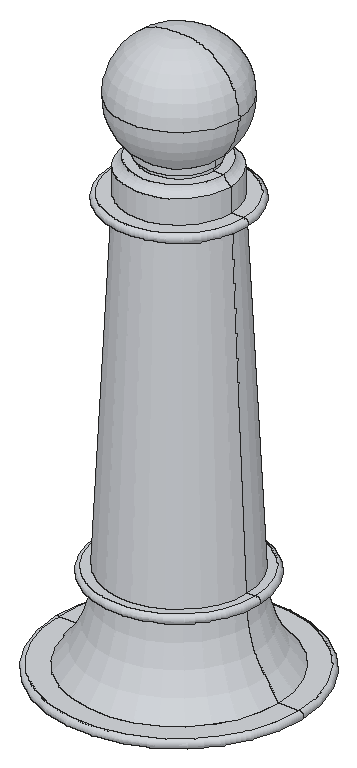
Revit family
Parameters (values of type "SBS-006.2")
  Width = 1' - 1"
  URL = "www.strombergarchitectural.com"
  Top Material = GFRC
  Submittal Sheet = "www.strombergarchitectural.com/images/materials/gfrc/submittal/gfrc-submittal-sheet.pdf"
  Specifications = "www.strombergarchitectural.com/gfrcspecifications"
  Model Cut-sheet = "www.strombergarchitectural.com/products/bollards/design/SBS-006"
  Model = "SBS-006"
  Manufacturer = "Stromberg Architectural Products"
  Guidebook = "www.strombergarchitectural.com/images/materials/gfrc/handbooks/gfrc_guidebook.pdf"
  Frame Material = none
  Description = "GFRC Bollard"
  Assembly Code = ""
  Height = 2' - 6"
  XXX.5 = no
  XXX.4 = no
  XXX.3 = no
  XXX.2 = yes
  XXX.1 = no
Types (6): name | Width | Guidebook | Height | XXX.5 | XXX.4 | XXX.3 | XXX.2 | XXX.1
  (no name) | 1' - 1" | "www.strombergarchitectural.com/images/materials/gfrc/handbooks/gfrc_guidebook.pdf" | 2' - 6" | no | no | no | yes | no
  SBS-006.3 | 1' - 3" | "www.strombergarchitectural.com/images/materials/gfrc/handbooks/gfrc_guidebook.pdf" | 3' - 0" | no | no | yes | no | no
  SBS-006.1 | 0' - 10" | "www.strombergarchitectural.com/images/materials/gfrc/handbooks/gfrc_guidebook.pdf   \r\n(http://www.strombergarchitectural.com/images/materials/gfrc/handbooks/gfrc_guidebook.pdf" | 2' - 0" | no | no | no | no | yes
  SBS-006.2 | 1' - 1" | "www.strombergarchitectural.com/images/materials/gfrc/handbooks/gfrc_guidebook.pdf" | 2' - 6" | no | no | no | yes | no
  SBS-006.4 | 1' - 6" | "www.strombergarchitectural.com/images/materials/gfrc/handbooks/gfrc_guidebook.pdf" | 3' - 6" | no | yes | no | no | no
  SBS-006.5 | 1' - 8" | "www.strombergarchitectural.com/images/materials/gfrc/handbooks/gfrc_guidebook.pdf" | 4' - 0" | yes | no | no | no | no
Reference planes (in)
  plane 1 "Center (Front/Back)": y = 3.74847
  plane 2: z = 0
  plane 3 "Center (Left/Right)": x = 0.7278
Forms (in)
  Revolve 1, solid, visible <- "XXX.1"
    sketch origin (0, 3.74847, 0) x (1, 0, 0) y (0, 0, 1)
      loop
        arc (-1.60553, 21.66667) -> (-1.34048, 20.58654) -> (-0.60553, 19.75181) r 2.33333
        line (-0.60553, 19.75181) -> (-0.60553, 19.5) -> (-0.5222, 19.5) -> (-0.5222, 19.33333) -> (-0.93887, 19.33333)
        arc (-0.93887, 19.33333) -> (-1.06346, 19.12459) -> (-1.2722, 19) r 0.49657
        line (-1.2722, 19) -> (-1.2722, 18) -> (-1.80553, 18)
        arc (-1.80553, 18) -> (-1.9722, 17.83333) -> (-1.80553, 17.66667) r 0.16667
        line (-1.80553, 17.66667) -> (-1.2722, 17.66667) -> (-1.93974, 3.98216) -> (-2.30553, 4)
        arc (-2.30553, 4) -> (-2.4722, 3.83333) -> (-2.30553, 3.66667) r 0.16667
        line (-2.30553, 3.66667) -> (-1.93887, 3.66667)
        arc (-1.93887, 3.66667) -> (-2.27436, 1.86753) -> (-3.2722, 0.33333) r 4.69519
        line (-3.2722, 0.33333) -> (-4.10553, 0.33333)
        arc (-4.10553, 0.33333) -> (-4.2722, 0.16667) -> (-4.10553, 0) r 0.16667
        line (-4.10553, 0) -> (0.7278, 0) -> (0.7278, 24)
        arc (0.7278, 24) -> (-0.92212, 23.31658) -> (-1.60553, 21.66667) r 2.33333
      axis (0.7278, 24) -> (0.7278, 0)
    angle from 0 to 360
  Revolve 2, solid, visible <- "XXX.2"
    sketch origin (-34.62156, 3.74847, 0) x (1, 0, 0) y (0, 0, 1)
      loop
        line (29.0577, 0) -> (35.34936, 0) -> (35.34936, 29.98927)
        arc (35.34936, 29.98927) -> (33.12734, 29.2323) -> (32.1827, 27.08333) r 2.91667
        arc (32.1827, 27.08333) -> (32.51402, 25.73318) -> (33.4327, 24.68977) r 2.91667
        line (33.4327, 24.68977) -> (33.4327, 24.375) -> (33.53686, 24.375) -> (33.53686, 24.16667) -> (33.01603, 24.16667)
        arc (33.01603, 24.16667) -> (32.86029, 23.90574) -> (32.59936, 23.75) r 0.62072
        line (32.59936, 23.75) -> (32.59936, 22.5) -> (31.9327, 22.5)
        arc (31.9327, 22.5) -> (31.72436, 22.29167) -> (31.9327, 22.08333) r 0.20833
        line (31.9327, 22.08333) -> (32.59936, 22.08333) -> (31.76494, 4.9777) -> (31.3077, 5)
        arc (31.3077, 5) -> (31.09936, 4.79167) -> (31.3077, 4.58333) r 0.20833
        line (31.3077, 4.58333) -> (31.76603, 4.58333)
        arc (31.76603, 4.58333) -> (31.34667, 2.33441) -> (30.09936, 0.41667) r 5.86899
        line (30.09936, 0.41667) -> (29.0577, 0.41667)
        arc (29.0577, 0.41667) -> (28.84936, 0.20833) -> (29.0577, 0) r 0.20833
      axis (35.34936, 29.98927) -> (35.34936, 0)
    angle from 0 to 360
  Revolve 3, solid, visible <- "XXX.3"
    sketch origin (-67.98416, 3.74847, 0) x (1, 0, 0) y (0, 0, 1)
      loop
        line (61.46196, 0) -> (68.71196, 0) -> (68.71196, 36)
        arc (68.71196, 36) -> (66.23709, 34.97487) -> (65.21196, 32.5) r 3.5
        arc (65.21196, 32.5) -> (65.60955, 30.87981) -> (66.71196, 29.62772) r 3.5
        line (66.71196, 29.62772) -> (66.71196, 29.25) -> (66.83696, 29.25) -> (66.83696, 29) -> (66.21196, 29)
        arc (66.21196, 29) -> (66.02508, 28.68689) -> (65.71196, 28.5) r 0.74486
        line (65.71196, 28.5) -> (65.71196, 27) -> (64.91196, 27)
        arc (64.91196, 27) -> (64.66196, 26.75) -> (64.91196, 26.5) r 0.25
        line (64.91196, 26.5) -> (65.71196, 26.5) -> (64.71066, 5.97323) -> (64.16196, 6)
        arc (64.16196, 6) -> (63.91196, 5.75) -> (64.16196, 5.5) r 0.25
        line (64.16196, 5.5) -> (64.71196, 5.5)
        arc (64.71196, 5.5) -> (64.20873, 2.80129) -> (62.71196, 0.5) r 7.04279
        line (62.71196, 0.5) -> (61.46196, 0.5)
        arc (61.46196, 0.5) -> (61.21196, 0.25) -> (61.46196, 0) r 0.25
      axis (68.71196, 36) -> (68.71196, 0)
    angle from 0 to 360
  Revolve 4, solid, visible <- "XXX.4"
    sketch origin (-105.4384, 3.74847, 0) x (1, 0, 0) y (0, 0, 1)
      loop
        line (97.45787, 0) -> (106.1662, 0) -> (106.1662, 41.99234)
        arc (106.1662, 41.99234) -> (103.11863, 40.89109) -> (101.83287, 37.91667) r 4.08333
        arc (101.83287, 37.91667) -> (102.29671, 36.02645) -> (103.58287, 34.56567) r 4.08333
        line (103.58287, 34.56567) -> (103.58287, 34.125) -> (103.7287, 34.125) -> (103.7287, 33.83333) -> (102.99954, 33.83333)
        arc (102.99954, 33.83333) -> (102.7815, 33.46803) -> (102.4162, 33.25) r 0.869
        line (102.4162, 33.25) -> (102.4162, 31.5) -> (101.48287, 31.5)
        arc (101.48287, 31.5) -> (101.1912, 31.20833) -> (101.48287, 30.91667) r 0.29167
        line (101.48287, 30.91667) -> (102.4162, 30.91667) -> (101.24801, 6.96877) -> (100.60787, 7)
        arc (100.60787, 7) -> (100.3162, 6.70833) -> (100.60787, 6.41667) r 0.29167
        line (100.60787, 6.41667) -> (101.24954, 6.41667)
        arc (101.24954, 6.41667) -> (100.66243, 3.26818) -> (98.9162, 0.58333) r 8.21659
        line (98.9162, 0.58333) -> (97.45787, 0.58333)
        arc (97.45787, 0.58333) -> (97.1662, 0.29167) -> (97.45787, 0) r 0.29167
      axis (106.1662, 41.99234) -> (106.1662, 0)
    angle from 0 to 360
  Revolve 5, solid, visible <- "XXX.5"
    sketch origin (-141.94841, 3.74847, 0) x (1, 0, 0) y (0, 0, 1)
      loop
        line (133.00955, 0) -> (142.67621, 0) -> (142.67621, 48)
        arc (142.67621, 48) -> (139.37638, 46.63316) -> (138.00955, 43.33333) r 4.66667
        arc (138.00955, 43.33333) -> (138.53966, 41.17309) -> (140.00955, 39.50362) r 4.66667
        line (140.00955, 39.50362) -> (140.00955, 39) -> (140.17621, 39) -> (140.17621, 38.66667) -> (139.34288, 38.66667)
        arc (139.34288, 38.66667) -> (139.0937, 38.24918) -> (138.67621, 38) r 0.99315
        line (138.67621, 38) -> (138.67621, 36) -> (137.60955, 36)
        arc (137.60955, 36) -> (137.27621, 35.66667) -> (137.60955, 35.33333) r 0.33333
        line (137.60955, 35.33333) -> (138.67621, 35.33333) -> (137.34114, 7.96431) -> (136.60955, 8)
        arc (136.60955, 8) -> (136.27621, 7.66667) -> (136.60955, 7.33333) r 0.33333
        line (136.60955, 7.33333) -> (137.34288, 7.33333)
        arc (137.34288, 7.33333) -> (136.6719, 3.73506) -> (134.67621, 0.66667) r 9.39039
        line (134.67621, 0.66667) -> (133.00955, 0.66667)
        arc (133.00955, 0.66667) -> (132.67621, 0.33333) -> (133.00955, 0) r 0.33333
      axis (142.67621, 48) -> (142.67621, 0)
    angle from 0 to 360
